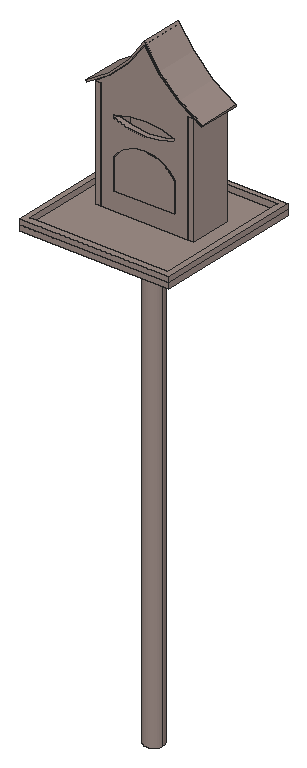
Revit family
Parameters (values of type "320 x 320 mm")
  Post Height = 1000 mm
  Box Material = Wood - Rosewood
Reference planes
  plane 1 "Center (Front/Back)": y = 0
  plane 2: z = 0
  plane 3 "Center (Left/Right)": x = 0
  plane 4: z = 1000
  plane 5: y = 65
  plane 6: y = -25
  plane 7: x = -160
  plane 8: x = 160
  plane 9: y = 160
  plane 10: y = -160
Forms (mm)
  Extrusion 1, solid, material "Wood - Rosewood" <- "Box Material"
    sketch origin (0, 0, 0) x (1, 0, 0) y (0, 1, 0)
      loop
        circle (0, 0) r 20
    from 0 to 1000
  Extrusion 2, solid, material "Wood - Rosewood" <- "Box Material"
    sketch origin (0, 0, 1000) x (-1, 0, 0) y (0, -1, 0)
      loop
        line (160, -160) -> (160, 160) -> (-160, 160) -> (-160, -160) -> (160, -160)
    from 0 to 12
  Extrusion 3, solid, material "Wood - Rosewood" <- "Box Material"
    sketch origin (0, 0, 1000) x (-1, 0, 0) y (0, -1, 0)
      loop
        line (160, -160) -> (160, 160) -> (-160, 160) -> (-160, -160) -> (160, -160)
      loop
        line (148, -148) -> (148, 148) -> (-148, 148) -> (-148, -148) -> (148, -148)
    from 12 to 24
  Extrusion 4, solid, material "Wood - Rosewood" <- "Box Material"
    sketch origin (0, 0, 1000) x (-1, 0, 0) y (0, -1, 0)
      loop
        line (105, -65) -> (105, 25) -> (93, 25) -> (93, -53) -> (-93, -53) -> (-93, 25) -> (-105, 25) -> (-105, -65) -> (105, -65)
    from 12 to 250
  Extrusion 5, solid, material "Wood - Rosewood" <- "Box Material"
    sketch origin (0, 0, 0) x (1, 0, 0) y (0, 0, 1)
      loop
        arc (0, 1355) -> (53.474, 1288.625) -> (123.417, 1239.911) r 300.857
        line (123.417, 1239.911) -> (125.215, 1243.485)
        arc (125.215, 1243.485) -> (53.704, 1293.907) -> (0, 1362.987) r 296.857
        arc (0, 1362.987) -> (-53.704, 1293.907) -> (-125.215, 1243.485) r 296.857
        line (-125.215, 1243.485) -> (-123.417, 1239.911)
        arc (-123.417, 1239.911) -> (-53.474, 1288.625) -> (0, 1355) r 300.857
    from -65 to 25
  Extrusion 6, solid, material "Wood - Rosewood" <- "Box Material"
    sketch origin (0, 0, 0) x (1, 0, 0) y (0, 0, 1)
      loop
        line (-93, 1012) -> (93, 1012) -> (93, 1250) -> (105, 1250)
        arc (105, 1250) -> (45.92, 1295.92) -> (0, 1355) r 300.857
        arc (0, 1355) -> (-45.92, 1295.92) -> (-105, 1250) r 300.857
        line (-105, 1250) -> (-93, 1250) -> (-93, 1012)
      loop
        arc (-65, 1191.132) -> (0, 1178.932) -> (65, 1191.132) r 179.261
        line (65, 1191.132) -> (65, 1197.034)
        arc (65, 1197.034) -> (0, 1209.233) -> (-65, 1197.034) r 179.261
        line (-65, 1197.034) -> (-65, 1191.132)
      loop
        line (-65, 1117) -> (-65, 1052) -> (65, 1052) -> (65, 1117)
        arc (65, 1117) -> (0, 1151.582) -> (-65, 1117) r 78.378
    from 13 to 25
  Extrusion 7, solid, material "Wood - Rosewood" <- "Box Material"
    sketch origin (0, 0, 0) x (1, 0, 0) y (0, 0, 1)
      loop
        line (-65, 1052) -> (65, 1052) -> (65, 1117)
        arc (65, 1117) -> (0, 1151.582) -> (-65, 1117) r 78.378
        line (-65, 1117) -> (-65, 1052)
    from 13 to 26
Lines and regions (mm)
  symbolic lines
    curve 1: line (-160, 160, 0) -> (160, 160, 0)
    curve 2: line (-160, -160, 0) -> (-160, 160, 0)
    curve 3: line (160, -160, 0) -> (-160, -160, 0)
    curve 4: line (160, 160, 0) -> (160, -160, 0)
    curve 5: line (-148, 148, 0) -> (148, 148, 0)
    curve 6: line (-148, -148, 0) -> (-148, 148, 0)
    curve 7: line (148, -148, 0) -> (-148, -148, 0)
    curve 8: line (148, 148, 0) -> (148, -148, 0)
    curve 9: line (-125.215, 65, 0) -> (125.215, 65, 0)
    curve 10: line (-125.215, -25, 0) -> (-125.215, 65, 0)
    curve 11: line (125.215, -25, 0) -> (-125.215, -25, 0)
    curve 12: line (125.215, 65, 0) -> (125.215, -25, 0)
    curve 13: line (0, 65, 0) -> (0, -25, 0)
Dimensions and locks
  "Post Height": plane 4 to level
  plane 7 to plane 8 = 320 mm
  plane 9 to plane 10 = 320 mm
  locked: plane 6 to plane 5 at 90
  plane 5 to plane 6 = 90 mm
  aligned and locked: plane 4 to Extrusion 1
  aligned and locked: Extrusion 2 to Extrusion 1
  aligned and locked: Extrusion 3 sketch curve to Extrusion 2  (x3)
  aligned and locked: Extrusion 2 to Extrusion 3 sketch curve
  aligned and locked: Extrusion 4 sketch curve to Extrusion 4 sketch curve
  aligned and locked: Extrusion 3 to Extrusion 2
  aligned and locked: Extrusion 4 to Extrusion 2
  aligned and locked: Extrusion 5 to Extrusion 4
  aligned and locked: plane 5 to Extrusion 5
  aligned and locked: Extrusion 5 to plane 6
  aligned and locked: Extrusion 4 to Extrusion 5
  aligned and locked: Extrusion 6 sketch curve to Extrusion 4  (x2)
  aligned and locked: Extrusion 4 to Extrusion 6 sketch curve  (x2)
  aligned and locked: Extrusion 6 sketch curve to Extrusion 5  (x2)
  aligned and locked: Extrusion 6 to Extrusion 4
  aligned and locked: Extrusion 7 sketch curve to Extrusion 6  (x4)
  aligned and locked: Extrusion 6 to Extrusion 7
  aligned and locked: plane 7 to Extrusion 2
  aligned and locked: Extrusion 2 to plane 8
  aligned and locked: Extrusion 2 to plane 9
  aligned and locked: plane 10 to Extrusion 2
Automatic sketch dimensions
  Extrusion 1 sketch curve to plane 1 "Center (Front/Back)" = 0 mm
  Extrusion 1 sketch curve to plane 3 "Center (Left/Right)" = 0 mm
  plane 3 "Center (Left/Right)" to Extrusion 2 sketch curve = 160 mm
  Extrusion 2 sketch curve to plane 3 "Center (Left/Right)" = 160 mm
  Extrusion 2 sketch curve to plane 1 "Center (Front/Back)" = 160 mm
  plane 1 "Center (Front/Back)" to Extrusion 2 sketch curve = 160 mm
  Extrusion 3 sketch curve to Extrusion 3 sketch curve = 12 mm  (x4)
  plane 1 "Center (Front/Back)" to Extrusion 4 sketch curve = 25 mm
  plane 3 "Center (Left/Right)" to Extrusion 4 sketch curve = 105 mm
  Extrusion 4 sketch curve to Extrusion 4 sketch curve = 12 mm  (x3)
  Extrusion 4 sketch curve to plane 3 "Center (Left/Right)" = 93 mm
  Extrusion 4 sketch curve to plane 1 "Center (Front/Back)" = 53 mm
  Extrusion 5 sketch curve to plane 3 "Center (Left/Right)" = 0 mm  (x2)
  Extrusion 5 sketch curve to plane 3 "Center (Left/Right)" = 123.417 mm
  Extrusion 5 sketch curve to Extrusion 5 sketch curve = 1.798 mm  (x2)
  Extrusion 5 sketch curve to plane 3 "Center (Left/Right)" = 258.658 mm
  Extrusion 5 sketch curve to Extrusion 5 sketch curve = 0 mm  (x2)
  plane 4 to Extrusion 5 sketch curve = 239.911 mm
  Extrusion 5 sketch curve to Extrusion 5 sketch curve = 3.573 mm  (x2)
  Extrusion 5 sketch curve to Extrusion 5 sketch curve = 111.515 mm
  Extrusion 5 sketch curve to Extrusion 5 sketch curve = 7.987 mm
  plane 3 "Center (Left/Right)" to Extrusion 5 sketch curve = 123.417 mm
  plane 3 "Center (Left/Right)" to Extrusion 5 sketch curve = 258.658 mm
  Extrusion 5 sketch curve to Extrusion 5 sketch curve = 115.089 mm
  Extrusion 6 sketch curve to plane 3 "Center (Left/Right)" = 0 mm  (x3)
  Extrusion 6 sketch curve to Extrusion 6 sketch curve = 28 mm  (x2)
  Extrusion 6 sketch curve to plane 3 "Center (Left/Right)" = 65 mm
  plane 3 "Center (Left/Right)" to Extrusion 6 sketch curve = 65 mm
  Extrusion 6 sketch curve to Extrusion 6 sketch curve = 12 mm
  plane 4 to Extrusion 6 sketch curve = 29.973 mm
  Extrusion 6 sketch curve to Extrusion 6 sketch curve = 40 mm
  Extrusion 6 sketch curve to Extrusion 6 sketch curve = 43.232 mm
  Extrusion 6 sketch curve to Extrusion 6 sketch curve = 65 mm
  Extrusion 6 sketch curve to Extrusion 6 sketch curve = 58.868 mm
  Extrusion 6 sketch curve to Extrusion 6 sketch curve = 5.902 mm
  Extrusion 6 sketch curve to Extrusion 6 sketch curve = 3.193 mm
  curve 1 to plane 7 = 0 mm
  curve 10 to plane 6 = 0 mm
  curve 13 to plane 3 "Center (Left/Right)" = 0 mm
  curve 1 to plane 8 = 0 mm
  curve 4 to plane 10 = 0 mm
  curve 13 to plane 5 = 0 mm
  curve 4 to plane 9 = 0 mm
  plane 7 to curve 7 = 12 mm
  plane 7 to curve 10 = 34.785 mm
  curve 12 to plane 8 = 34.785 mm
  curve 5 to plane 8 = 12 mm
  plane 10 to curve 7 = 12 mm
  curve 6 to plane 9 = 12 mm
  radius of Extrusion 1 sketch curve = 20 mm
